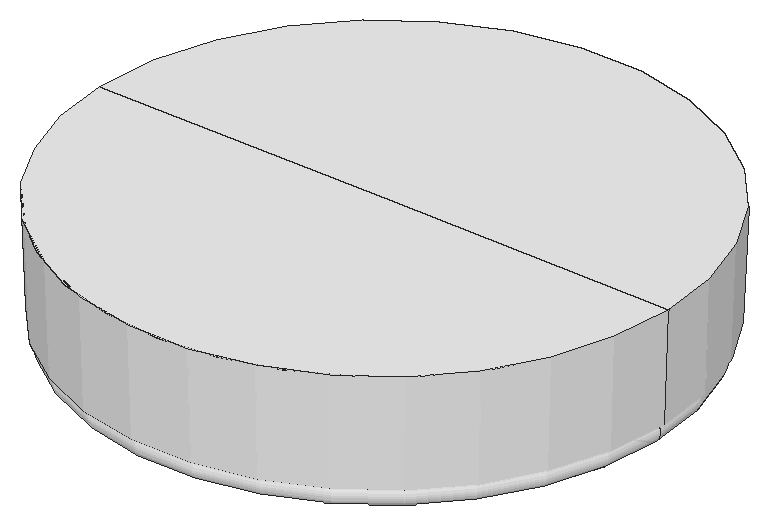
Revit family "3-624-xx Journey Ceiling Mount", category Lighting Fixtures, host Ceiling, Revit 2018
Family settings
  Host = Ceiling
  Round Connector Dimension = Use Diameter
  Part Type = Normal
  OmniClass Number = 23.80.70.11
  OmniClass Title = Luminaries for Internal Lighting
  Always vertical = Yes
  Cut with Voids When Loaded = No
  Light Source = Yes
  Shared = No
  Room Calculation Point = No
Parameters (values of type "3-624-14 / Polished Chrome - Matte Opal Glass")
  Wattage Comments = "2 x 10.1 W at 120 V"  # constant formula
  Wattage = 9.2903 W
  built-in parameter 1150110 = 1 (stored number, unit not read)
  Voltage Input = "120 V or 277 V - 50/60 Hz"  # constant formula
  Voltage = 120 V
  URL = "www.oxygenlighting.com"
  built-in parameter 1114217 = 1 (stored number, unit not read)
  built-in parameter 1150109 = 1 (stored number, unit not read)
  built-in parameter 1150134 = (empty or 0)
  built-in parameter 1150113 = 1 (stored number, unit not read)
  References = "Ref. 3 = 120 V / Ref. 37 = 277 V"  # constant formula
  Model = "3-624-xx / Journey Ceiling Mount"  # constant formula
  Metal Finish = 14 - Polished Chrome
  Manufacturer = "Oxygen Lighting and Fans"  # constant formula
  Main Diffuser = White Opal Glass
  Lumens = 1380 lm
  built-in parameter 1150115 = 1 (stored number, unit not read)
  built-in parameter 1150105 = 109.82 (stored number, unit not read)
  Light Source Symbol Size = 609.6 mm
  built-in parameter 1150137 = (empty or 0)
  built-in parameter 1150139 = (empty or 0)
  built-in parameter 1150112 = 1 (stored number, unit not read)
  built-in parameter 1150114 = 1 (stored number, unit not read)
  Lamp = "LED Array"  # constant formula
  built-in parameter 1150132 = 2
  built-in parameter 1150102 = (empty or 0)
  built-in parameter 1150138 = (empty or 0)
  built-in parameter 1150107 = 3000 (stored number, unit not read)
  built-in parameter 1150106 = 1.0982 (stored number, unit not read)
  built-in parameter 1150104 = 13.8 (stored number, unit not read)
  Dimming Lamp Color Temperature Shift = <None>
  Color Filter = 16777215
  built-in parameter 1114218 = 1 (stored number, unit not read)
  built-in parameter 1150133 = 10 (stored number, unit not read)
Types (2, lengths in mm): name | Metal Finish
  3-624-24 / Satin Nickel - Matte Opal Glass | 24 - Satin Nickel
  3-624-14 / Polished Chrome - Matte Opal Glass | 14 - Polished Chrome
Reference planes
  plane 1 "Light Source Axis (F/B)": y = 0
  plane 2: z = 0
  plane 3 "Light Source Axis (L/R)": x = 0
  plane 4 "Ceiling": z = 4000
  plane 5 "Light Source Elevation": z = 3920
Dimensions and locks
  equal spacing: host sketch curve, plane 3 "Light Source Axis (L/R)", host sketch curve
  equal spacing: host sketch curve, plane 1 "Light Source Axis (F/B)", host sketch curve
  host sketch curve to host sketch curve = 4000 mm  (x2)
  plane 4 "Ceiling" to host ceiling = 0 mm
  locked: plane 5 "Light Source Elevation" to plane 4 "Ceiling" at 80
  aligned and locked: plane 3 "Light Source Axis (L/R)" to imposter light
  aligned and locked: plane 1 "Light Source Axis (F/B)" to imposter light
  aligned and locked: plane 5 "Light Source Elevation" to imposter light
  aligned and locked: plane 3 "Light Source Axis (L/R)" to nested 1
  aligned and locked: plane 1 "Light Source Axis (F/B)" to nested 1
  aligned and locked: plane 4 "Ceiling" to nested 1
Nested families
  nested 1: "Base" at (0, 0, 4000), type "Base"
Connectors
  electrical at (0, 0, 4000), driven by "Voltage"
    settings: on nested 1, index 1, voltage 120 V, apparent load 0 VA, apparent load phase1 0 VA, apparent load phase2 0 VA, apparent load phase3 0 VA, power factor 1, load classification "Other", number of poles 1, system type 31, power factor state 1, is connector primary yes, connector utility no, sub classification motor no, connector description ""
Definition of nested family "Base"
  Parameters (values of type "Base")
    Metal Finish = none
    Main Diffuser = none
  Reference planes
    plane 1 "Center (Front/Back)": y = 0
    plane 2: z = 0
    plane 3 "Center (Left/Right)": x = 0
  Forms (mm)
    Revolve 1, solid, material <- "Metal Finish"
      sketch origin (0, 0, 0) x (1, 0, 0) y (0, 0, 1)
        loop
          line (-176.908, -65.851) -> (0, -65.851) -> (0, 0) -> (-179.449, 0)
          arc (-179.449, 0) -> (-178.707, -32.946) -> (-176.908, -65.851) r 1026.533
        axis (0, 0) -> (0, -65.851)
      angle from 0 to 360
    Revolve 2, solid, material <- "Main Diffuser"
      sketch origin (0, 0, 0) x (1, 0, 0) y (0, 0, 1)
        loop
          arc (-169.228, -78.481) -> (-85.61, -98.175) -> (0, -105.301) r 579.979
          line (0, -105.301) -> (0, -65.851) -> (-170.556, -65.851)
          arc (-170.556, -65.851) -> (-174.334, -72.633) -> (-169.228, -78.481) r 6.747
        axis (0, -65.851) -> (0, -105.301)
      angle from 0 to 360
  Dimensions and locks
    aligned and locked: level to plane 2
